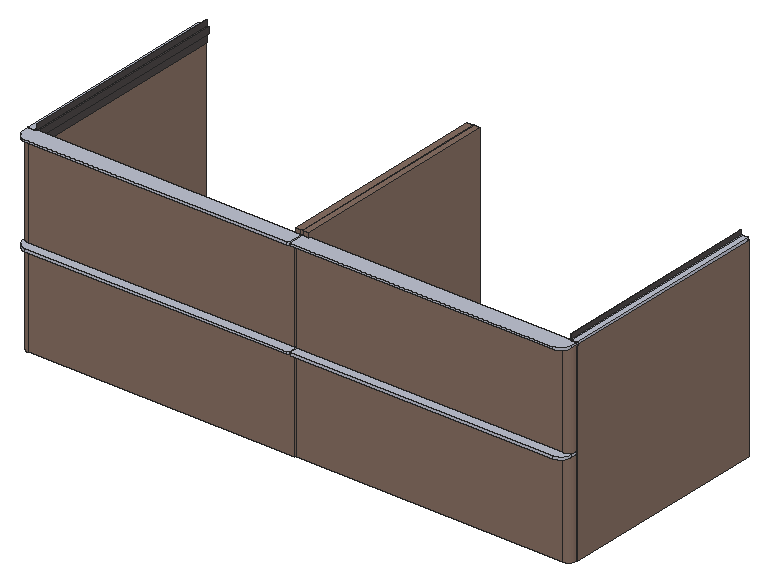
Revit family "vanity unit with 4 drawers for consoles with bowl", category Furniture, Revit 2019
Family settings
  OmniClass Number = 23.21.19.15.33.13
  Work Plane-Based = No
  Always vertical = Yes
  Cut with Voids When Loaded = No
  Shared = Yes
  Room Calculation Point = No
Parameters (values of type "Vanity unit 1360_550 with 4 drawers for consoles with bowl-54089000-Dark Walnut-CHROME-400")
  etim7_EC011381 = "EC011381"
  WEIGHT = "55.8"
  Vanity unit 1560_550 with 4 drawers for consoles with bowl-54093700-Dark Walnut-MATT_WHITE-400_RX0RY0RZ0TX0TY0TZ0_V = no
  Vanity unit 1560_550 with 4 drawers for consoles with bowl-54093700-Dark Walnut-MATT_WHITE-200_RX0RY0RZ0TX0TY0TZ0_V = no
  Vanity unit 1560_550 with 4 drawers for consoles with bowl-54093670-Dark Walnut-MATT_BLACK-400_RX0RY0RZ0TX0TY0TZ0_V = no
  Vanity unit 1560_550 with 4 drawers for consoles with bowl-54093670-Dark Walnut-MATT_BLACK-200_RX0RY0RZ0TX0TY0TZ0_V = no
  Vanity unit 1560_550 with 4 drawers for consoles with bowl-54093000-Dark Walnut-CHROME-400_RX0RY0RZ0TX0TY0TZ0_V = no
  Vanity unit 1560_550 with 4 drawers for consoles with bowl-54093000-Dark Walnut-CHROME-200_RX0RY0RZ0TX0TY0TZ0_V = no
  Vanity unit 1560_550 with 4 drawers for consoles with bowl-54092700-Natural Oak-MATT_WHITE-400_RX0RY0RZ0TX0TY0TZ0_V = no
  Vanity unit 1560_550 with 4 drawers for consoles with bowl-54092700-Natural Oak-MATT_WHITE-200_RX0RY0RZ0TX0TY0TZ0_V = no
  Vanity unit 1560_550 with 4 drawers for consoles with bowl-54092670-Natural Oak-MATT_BLACK-400_RX0RY0RZ0TX0TY0TZ0_V = no
  Vanity unit 1560_550 with 4 drawers for consoles with bowl-54092670-Natural Oak-MATT_BLACK-200_RX0RY0RZ0TX0TY0TZ0_V = no
  Vanity unit 1560_550 with 4 drawers for consoles with bowl-54092000-Natural Oak-CHROME-400_RX0RY0RZ0TX0TY0TZ0_V = no
  Vanity unit 1560_550 with 4 drawers for consoles with bowl-54092000-Natural Oak-CHROME-200_RX0RY0RZ0TX0TY0TZ0_V = no
  Vanity unit 1560_550 with 4 drawers for consoles with bowl-54091700-Diamond Matt Grey-MATT_WHITE-400_RX0RY0RZ0TX0TY0TZ0_V = no
  Vanity unit 1560_550 with 4 drawers for consoles with bowl-54091700-Diamond Matt Grey-MATT_WHITE-200_RX0RY0RZ0TX0TY0TZ0_V = no
  Vanity unit 1560_550 with 4 drawers for consoles with bowl-54091670-Diamond Matt Grey-MATT_BLACK-400_RX0RY0RZ0TX0TY0TZ0_V = no
  Vanity unit 1560_550 with 4 drawers for consoles with bowl-54091670-Diamond Matt Grey-MATT_BLACK-200_RX0RY0RZ0TX0TY0TZ0_V = no
  Vanity unit 1560_550 with 4 drawers for consoles with bowl-54091000-Diamond Matt Grey-CHROME-400_RX0RY0RZ0TX0TY0TZ0_V = no
  Vanity unit 1560_550 with 4 drawers for consoles with bowl-54091000-Diamond Matt Grey-CHROME-200_RX0RY0RZ0TX0TY0TZ0_V = no
  Vanity unit 1560_550 with 4 drawers for consoles with bowl-54090700-High Gloss White-MATT_WHITE-400_RX0RY0RZ0TX0TY0TZ0_V = no
  Vanity unit 1560_550 with 4 drawers for consoles with bowl-54090700-High Gloss White-MATT_WHITE-200_RX0RY0RZ0TX0TY0TZ0_V = no
  Vanity unit 1560_550 with 4 drawers for consoles with bowl-54090670-High Gloss White-MATT_BLACK-400_RX0RY0RZ0TX0TY0TZ0_V = no
  Vanity unit 1560_550 with 4 drawers for consoles with bowl-54090670-High Gloss White-MATT_BLACK-200_RX0RY0RZ0TX0TY0TZ0_V = no
  Vanity unit 1560_550 with 4 drawers for consoles with bowl-54090000-High Gloss White-CHROME-400_RX0RY0RZ0TX0TY0TZ0_V = no
  Vanity unit 1560_550 with 4 drawers for consoles with bowl-54090000-High Gloss White-CHROME-200_RX0RY0RZ0TX0TY0TZ0_V = no
  Vanity unit 1360_550 with 4 drawers for consoles with bowl-54089700-Dark Walnut-MATT_WHITE-400_RX0RY0RZ0TX0TY0TZ0_V = no
  Vanity unit 1360_550 with 4 drawers for consoles with bowl-54089700-Dark Walnut-MATT_WHITE-200_RX0RY0RZ0TX0TY0TZ0_V = no
  Vanity unit 1360_550 with 4 drawers for consoles with bowl-54089670-Dark Walnut-MATT_BLACK-400_RX0RY0RZ0TX0TY0TZ0_V = no
  Vanity unit 1360_550 with 4 drawers for consoles with bowl-54089670-Dark Walnut-MATT_BLACK-200_RX0RY0RZ0TX0TY0TZ0_V = no
  Vanity unit 1360_550 with 4 drawers for consoles with bowl-54089000-Dark Walnut-CHROME-400_RX0RY0RZ0TX0TY0TZ0_V = yes
  Vanity unit 1360_550 with 4 drawers for consoles with bowl-54089000-Dark Walnut-CHROME-200_RX0RY0RZ0TX0TY0TZ0_V = no
  Vanity unit 1360_550 with 4 drawers for consoles with bowl-54088700-Natural Oak-MATT_WHITE-400_RX0RY0RZ0TX0TY0TZ0_V = no
  Vanity unit 1360_550 with 4 drawers for consoles with bowl-54088700-Natural Oak-MATT_WHITE-200_RX0RY0RZ0TX0TY0TZ0_V = no
  Vanity unit 1360_550 with 4 drawers for consoles with bowl-54088670-Natural Oak-MATT_BLACK-400_RX0RY0RZ0TX0TY0TZ0_V = no
  Vanity unit 1360_550 with 4 drawers for consoles with bowl-54088670-Natural Oak-MATT_BLACK-200_RX0RY0RZ0TX0TY0TZ0_V = no
  Vanity unit 1360_550 with 4 drawers for consoles with bowl-54088000-Natural Oak-CHROME-400_RX0RY0RZ0TX0TY0TZ0_V = no
  Vanity unit 1360_550 with 4 drawers for consoles with bowl-54088000-Natural Oak-CHROME-200_RX0RY0RZ0TX0TY0TZ0_V = no
  Vanity unit 1360_550 with 4 drawers for consoles with bowl-54087700-Diamond Matt Grey-MATT_WHITE-400_RX0RY0RZ0TX0TY0TZ0_V = no
  Vanity unit 1360_550 with 4 drawers for consoles with bowl-54087700-Diamond Matt Grey-MATT_WHITE-200_RX0RY0RZ0TX0TY0TZ0_V = no
  Vanity unit 1360_550 with 4 drawers for consoles with bowl-54087670-Diamond Matt Grey-MATT_BLACK-400_RX0RY0RZ0TX0TY0TZ0_V = no
  Vanity unit 1360_550 with 4 drawers for consoles with bowl-54087670-Diamond Matt Grey-MATT_BLACK-200_RX0RY0RZ0TX0TY0TZ0_V = no
  Vanity unit 1360_550 with 4 drawers for consoles with bowl-54087000-Diamond Matt Grey-CHROME-400_RX0RY0RZ0TX0TY0TZ0_V = no
  Vanity unit 1360_550 with 4 drawers for consoles with bowl-54087000-Diamond Matt Grey-CHROME-200_RX0RY0RZ0TX0TY0TZ0_V = no
  Vanity unit 1360_550 with 4 drawers for consoles with bowl-54086700-High Gloss White-MATT_WHITE-400_RX0RY0RZ0TX0TY0TZ0_V = no
  Vanity unit 1360_550 with 4 drawers for consoles with bowl-54086700-High Gloss White-MATT_WHITE-200_RX0RY0RZ0TX0TY0TZ0_V = no
  Vanity unit 1360_550 with 4 drawers for consoles with bowl-54086670-High Gloss White-MATT_BLACK-400_RX0RY0RZ0TX0TY0TZ0_V = no
  Vanity unit 1360_550 with 4 drawers for consoles with bowl-54086670-High Gloss White-MATT_BLACK-200_RX0RY0RZ0TX0TY0TZ0_V = no
  Vanity unit 1360_550 with 4 drawers for consoles with bowl-54086000-High Gloss White-CHROME-400_RX0RY0RZ0TX0TY0TZ0_V = no
  Vanity unit 1360_550 with 4 drawers for consoles with bowl-54086000-High Gloss White-CHROME-200_RX0RY0RZ0TX0TY0TZ0_V = no
  UNSPSC = "56 | Furniture and Furnishings"
  UNIFORMATII = "E2010 | Fixed Furnishings"
  UNICLASS_2015_CODE = "40_30_78_05"
  UNICLASS2015 = "Pr_40_30_78_05 | Bathroom furniture"
  SURFACE = "CHROME"
  REGIONSET = "Worldwide"
  PRODUCTURL = "https://pro.hansgrohe.com/articledetail--54089000"
  PRODUCTGROUP = "vanity unit"
  PRODUCTFAMILY = "Xelu Q"
  PERMALINK = "54089XXX"
  OMNICLASS = "23-21 19 15 33 13 | Residential Bathroom Specialty Casework"
  OBJECTTYPE = "Object (single object)"
  OBERFLAECHE = "Dark Walnut"
  NN = "Vanity Unit with 4 Drawers for consoles with bowl"
  NBSYN = "$BASENUMBER.-$ARTNR.-$OBERFLAECHE.-$SURFACE.-$LODLEVEL."
  NB = "Vanity unit 1360/550 with 4 drawers for consoles with bowl-54089000-Dark Walnut-CHROME-400"
  NAME = "Xelu Q Vanity unit Dark Walnut 1360/550 with 4 drawers for consoles with bowl"
  Model = "Vanity unit 1360/550 with 4 drawers for consoles with bowl-54089000-Dark Walnut-CHROME-400"
  Manufacturer = "Hansgrohe"
  MIdent = "{$CADENAS_DATA/23d-libs/hansgrohe/xelu_furniture/vanity_unit_4_drawers_for_consoles_with_bowl/vanity_unit_4_drawers_for_consoles_with_bowl.prj},372 {VTYP=3D},{NB=Vanity unit 1360/550 with 4 drawers for consoles with bowl-54089000-Dark Walnut-CHROME-400},{LINA=Vanity unit 1360/550 with 4 drawers for consoles with bowl-54089000-Dark Walnut-CHROME-400},{NN=Vanity Unit with 4 Drawers for consoles with bowl},{DATE=13.03.2023 02:42:39},{GEOMDATE=08.03.2023 13:55:36},{VERSION=},{LINEID=100},{WBVAR=LODLEVEL},{WBNUMERIC=}  {NB=Vanity unit 1360/550 with 4 drawers for consoles with bowl-54089000-Dark Walnut-CHROME-400},{LINA=Vanity unit 1360/550 with 4 drawers for consoles with bowl-54089000-Dark Walnut-CHROME-400},{KT=DUMMY},{IDNR=10},{ARTNR=54089000},{BASENUMBER=Vanity unit 1360/550 with 4 drawers for consoles with bowl},{MODEL=54089XXX},{OBERFLAECHE=Dark Walnut},{SURFACE=CHROME},{L=1360},{LODLEVEL=400},{LODLEVELX='400','400','200','200'},{NAME=Xelu Q Vanity unit Dark Walnut 1360/550 with 4 drawers for consoles with bowl},{PERMALINK=54089XXX},{OBJECTTYPE=Object (single object)},{BIMOBJECT=Sanitary: Compound units},{PRODUCTFAMILY=Xelu Q},{PRODUCTGROUP=vanity unit},{WEIGHT=55.8},{DESCRIPTION=Xelu Q Vanity unit Dark Walnut 1360/550 with 4 drawers for consoles with bowl},{SPECIFICATION=},{PRODUCTURL=https://pro.hansgrohe.com/articledetail--54089000},{GTINCODE=4059625456880},{TENDERURL=},{IFC=Furnishing element},{ETIM=EC011381 | Bathroom furniture set},{UNICLASS2015=Pr_40_30_78_05 | Bathroom furniture},{OMNICLASS=23-21 19 15 33 13 | Residential Bathroom Specialty Casework},{MASTERFORMAT=12 35 30.23 | Bathroom Casework},{UNSPSC=56 | Furniture and Furnishings},{UNIFORMATII=E2010 | Fixed Furnishings},{DESIGN=Germany},{MANUFACTURER=Germany},{REGIONSET=Worldwide}"
  MASTERFORMAT = "12 35 30.23 | Bathroom Casework"
  LODLEVEL = "400"
  LINA = "Vanity unit 1360/550 with 4 drawers for consoles with bowl-54089000-Dark Walnut-CHROME-400"
  L = 1360
  IFC = "Furnishing element"
  GTINCODE = "4059625456880"
  ETIM = "EC011381 | Bathroom furniture set"
  DESIGN = "Germany"
  CATALOG = "Hansgrohe"
  BIMOBJECT = "Sanitary: Compound units"
  BASENUMBER = "Vanity unit 1360/550 with 4 drawers for consoles with bowl"
  ARTNR = "54089000"
Reference planes
  plane 1 "Center (Front/Back)": y = 0
  plane 2: z = 0
  plane 3 "Center (Left/Right)": x = 0
Dimensions and locks
  aligned and locked: level to plane 2
Nested families
  nested 1: "vanity unit 1360_550 with 4 drawers for consoles with bowl-54086000-high gloss white-chrome-200_content" at (0, 0, 0), visible <- "Vanity unit 1360_550 with 4 drawers for consoles with bowl-54086000-High Gloss White-CHROME-200_RX0RY0RZ0TX0TY0TZ0_V", ContentVisible <- "Vanity unit 1360_550 with 4 drawers for consoles with bowl-54086000-High Gloss White-CHROME-200_RX0RY0RZ0TX0TY0TZ0_V", type ""
    with ContentVisible no
  nested 2: "vanity unit 1360_550 with 4 drawers for consoles with bowl-54086000-high gloss white-chrome-400_content" at (0, 0, 0), visible <- "Vanity unit 1360_550 with 4 drawers for consoles with bowl-54086000-High Gloss White-CHROME-400_RX0RY0RZ0TX0TY0TZ0_V", ContentVisible <- "Vanity unit 1360_550 with 4 drawers for consoles with bowl-54086000-High Gloss White-CHROME-400_RX0RY0RZ0TX0TY0TZ0_V", type ""
    with ContentVisible no
  nested 3: "vanity unit 1360_550 with 4 drawers for consoles with bowl-54086670-high gloss white-matt_black-200_content" at (0, 0, 0), visible <- "Vanity unit 1360_550 with 4 drawers for consoles with bowl-54086670-High Gloss White-MATT_BLACK-200_RX0RY0RZ0TX0TY0TZ0_V", ContentVisible <- "Vanity unit 1360_550 with 4 drawers for consoles with bowl-54086670-High Gloss White-MATT_BLACK-200_RX0RY0RZ0TX0TY0TZ0_V", type ""
    with ContentVisible no
  nested 4: "vanity unit 1360_550 with 4 drawers for consoles with bowl-54086670-high gloss white-matt_black-400_content" at (0, 0, 0), visible <- "Vanity unit 1360_550 with 4 drawers for consoles with bowl-54086670-High Gloss White-MATT_BLACK-400_RX0RY0RZ0TX0TY0TZ0_V", ContentVisible <- "Vanity unit 1360_550 with 4 drawers for consoles with bowl-54086670-High Gloss White-MATT_BLACK-400_RX0RY0RZ0TX0TY0TZ0_V", type ""
    with ContentVisible no
  nested 5: "vanity unit 1360_550 with 4 drawers for consoles with bowl-54086700-high gloss white-matt_white-200_content" at (0, 0, 0), visible <- "Vanity unit 1360_550 with 4 drawers for consoles with bowl-54086700-High Gloss White-MATT_WHITE-200_RX0RY0RZ0TX0TY0TZ0_V", ContentVisible <- "Vanity unit 1360_550 with 4 drawers for consoles with bowl-54086700-High Gloss White-MATT_WHITE-200_RX0RY0RZ0TX0TY0TZ0_V", type ""
    with ContentVisible no
  nested 6: "vanity unit 1360_550 with 4 drawers for consoles with bowl-54086700-high gloss white-matt_white-400_content" at (0, 0, 0), visible <- "Vanity unit 1360_550 with 4 drawers for consoles with bowl-54086700-High Gloss White-MATT_WHITE-400_RX0RY0RZ0TX0TY0TZ0_V", ContentVisible <- "Vanity unit 1360_550 with 4 drawers for consoles with bowl-54086700-High Gloss White-MATT_WHITE-400_RX0RY0RZ0TX0TY0TZ0_V", type ""
    with ContentVisible no
  nested 7: "vanity unit 1360_550 with 4 drawers for consoles with bowl-54087000-diamond matt grey-chrome-200_content" at (0, 0, 0), visible <- "Vanity unit 1360_550 with 4 drawers for consoles with bowl-54087000-Diamond Matt Grey-CHROME-200_RX0RY0RZ0TX0TY0TZ0_V", ContentVisible <- "Vanity unit 1360_550 with 4 drawers for consoles with bowl-54087000-Diamond Matt Grey-CHROME-200_RX0RY0RZ0TX0TY0TZ0_V", type ""
    with ContentVisible no
  nested 8: "vanity unit 1360_550 with 4 drawers for consoles with bowl-54087000-diamond matt grey-chrome-400_content" at (0, 0, 0), visible <- "Vanity unit 1360_550 with 4 drawers for consoles with bowl-54087000-Diamond Matt Grey-CHROME-400_RX0RY0RZ0TX0TY0TZ0_V", ContentVisible <- "Vanity unit 1360_550 with 4 drawers for consoles with bowl-54087000-Diamond Matt Grey-CHROME-400_RX0RY0RZ0TX0TY0TZ0_V", type ""
    with ContentVisible no
  nested 9: "vanity unit 1360_550 with 4 drawers for consoles with bowl-54087670-diamond matt grey-matt_black-200_content" at (0, 0, 0), visible <- "Vanity unit 1360_550 with 4 drawers for consoles with bowl-54087670-Diamond Matt Grey-MATT_BLACK-200_RX0RY0RZ0TX0TY0TZ0_V", ContentVisible <- "Vanity unit 1360_550 with 4 drawers for consoles with bowl-54087670-Diamond Matt Grey-MATT_BLACK-200_RX0RY0RZ0TX0TY0TZ0_V", type ""
    with ContentVisible no
  nested 10: "vanity unit 1360_550 with 4 drawers for consoles with bowl-54087670-diamond matt grey-matt_black-400_content" at (0, 0, 0), visible <- "Vanity unit 1360_550 with 4 drawers for consoles with bowl-54087670-Diamond Matt Grey-MATT_BLACK-400_RX0RY0RZ0TX0TY0TZ0_V", ContentVisible <- "Vanity unit 1360_550 with 4 drawers for consoles with bowl-54087670-Diamond Matt Grey-MATT_BLACK-400_RX0RY0RZ0TX0TY0TZ0_V", type ""
    with ContentVisible no
  nested 11: "vanity unit 1360_550 with 4 drawers for consoles with bowl-54087700-diamond matt grey-matt_white-200_content" at (0, 0, 0), visible <- "Vanity unit 1360_550 with 4 drawers for consoles with bowl-54087700-Diamond Matt Grey-MATT_WHITE-200_RX0RY0RZ0TX0TY0TZ0_V", ContentVisible <- "Vanity unit 1360_550 with 4 drawers for consoles with bowl-54087700-Diamond Matt Grey-MATT_WHITE-200_RX0RY0RZ0TX0TY0TZ0_V", type ""
    with ContentVisible no
  nested 12: "vanity unit 1360_550 with 4 drawers for consoles with bowl-54087700-diamond matt grey-matt_white-400_content" at (0, 0, 0), visible <- "Vanity unit 1360_550 with 4 drawers for consoles with bowl-54087700-Diamond Matt Grey-MATT_WHITE-400_RX0RY0RZ0TX0TY0TZ0_V", ContentVisible <- "Vanity unit 1360_550 with 4 drawers for consoles with bowl-54087700-Diamond Matt Grey-MATT_WHITE-400_RX0RY0RZ0TX0TY0TZ0_V", type ""
    with ContentVisible no
  nested 13: "vanity unit 1360_550 with 4 drawers for consoles with bowl-54088000-natural oak-chrome-200_content" at (0, 0, 0), visible <- "Vanity unit 1360_550 with 4 drawers for consoles with bowl-54088000-Natural Oak-CHROME-200_RX0RY0RZ0TX0TY0TZ0_V", ContentVisible <- "Vanity unit 1360_550 with 4 drawers for consoles with bowl-54088000-Natural Oak-CHROME-200_RX0RY0RZ0TX0TY0TZ0_V", type ""
    with ContentVisible no
  nested 14: "vanity unit 1360_550 with 4 drawers for consoles with bowl-54088000-natural oak-chrome-400_content" at (0, 0, 0), visible <- "Vanity unit 1360_550 with 4 drawers for consoles with bowl-54088000-Natural Oak-CHROME-400_RX0RY0RZ0TX0TY0TZ0_V", ContentVisible <- "Vanity unit 1360_550 with 4 drawers for consoles with bowl-54088000-Natural Oak-CHROME-400_RX0RY0RZ0TX0TY0TZ0_V", type ""
    with ContentVisible no
  nested 15: "vanity unit 1360_550 with 4 drawers for consoles with bowl-54088670-natural oak-matt_black-200_content" at (0, 0, 0), visible <- "Vanity unit 1360_550 with 4 drawers for consoles with bowl-54088670-Natural Oak-MATT_BLACK-200_RX0RY0RZ0TX0TY0TZ0_V", ContentVisible <- "Vanity unit 1360_550 with 4 drawers for consoles with bowl-54088670-Natural Oak-MATT_BLACK-200_RX0RY0RZ0TX0TY0TZ0_V", type ""
    with ContentVisible no
  nested 16: "vanity unit 1360_550 with 4 drawers for consoles with bowl-54088670-natural oak-matt_black-400_content" at (0, 0, 0), visible <- "Vanity unit 1360_550 with 4 drawers for consoles with bowl-54088670-Natural Oak-MATT_BLACK-400_RX0RY0RZ0TX0TY0TZ0_V", ContentVisible <- "Vanity unit 1360_550 with 4 drawers for consoles with bowl-54088670-Natural Oak-MATT_BLACK-400_RX0RY0RZ0TX0TY0TZ0_V", type ""
    with ContentVisible no
  nested 17: "vanity unit 1360_550 with 4 drawers for consoles with bowl-54088700-natural oak-matt_white-200_content" at (0, 0, 0), visible <- "Vanity unit 1360_550 with 4 drawers for consoles with bowl-54088700-Natural Oak-MATT_WHITE-200_RX0RY0RZ0TX0TY0TZ0_V", ContentVisible <- "Vanity unit 1360_550 with 4 drawers for consoles with bowl-54088700-Natural Oak-MATT_WHITE-200_RX0RY0RZ0TX0TY0TZ0_V", type ""
    with ContentVisible no
  nested 18: "vanity unit 1360_550 with 4 drawers for consoles with bowl-54088700-natural oak-matt_white-400_content" at (0, 0, 0), visible <- "Vanity unit 1360_550 with 4 drawers for consoles with bowl-54088700-Natural Oak-MATT_WHITE-400_RX0RY0RZ0TX0TY0TZ0_V", ContentVisible <- "Vanity unit 1360_550 with 4 drawers for consoles with bowl-54088700-Natural Oak-MATT_WHITE-400_RX0RY0RZ0TX0TY0TZ0_V", type ""
    with ContentVisible no
  nested 19: "vanity unit 1360_550 with 4 drawers for consoles with bowl-54089000-dark walnut-chrome-200_content" at (0, 0, 0), visible <- "Vanity unit 1360_550 with 4 drawers for consoles with bowl-54089000-Dark Walnut-CHROME-200_RX0RY0RZ0TX0TY0TZ0_V", ContentVisible <- "Vanity unit 1360_550 with 4 drawers for consoles with bowl-54089000-Dark Walnut-CHROME-200_RX0RY0RZ0TX0TY0TZ0_V", type ""
    with ContentVisible no
  nested 20: "vanity unit 1360_550 with 4 drawers for consoles with bowl-54089000-dark walnut-chrome-400_content" at (0, 0, 0), visible <- "Vanity unit 1360_550 with 4 drawers for consoles with bowl-54089000-Dark Walnut-CHROME-400_RX0RY0RZ0TX0TY0TZ0_V", ContentVisible <- "Vanity unit 1360_550 with 4 drawers for consoles with bowl-54089000-Dark Walnut-CHROME-400_RX0RY0RZ0TX0TY0TZ0_V", type "Vanity unit 1360_550 with 4 drawers for consoles with bowl-54089000-Dark Walnut-CHROME-400_Content"
    with ContentVisible yes
  nested 21: "vanity unit 1360_550 with 4 drawers for consoles with bowl-54089670-dark walnut-matt_black-200_content" at (0, 0, 0), visible <- "Vanity unit 1360_550 with 4 drawers for consoles with bowl-54089670-Dark Walnut-MATT_BLACK-200_RX0RY0RZ0TX0TY0TZ0_V", ContentVisible <- "Vanity unit 1360_550 with 4 drawers for consoles with bowl-54089670-Dark Walnut-MATT_BLACK-200_RX0RY0RZ0TX0TY0TZ0_V", type ""
    with ContentVisible no
  nested 22: "vanity unit 1360_550 with 4 drawers for consoles with bowl-54089670-dark walnut-matt_black-400_content" at (0, 0, 0), visible <- "Vanity unit 1360_550 with 4 drawers for consoles with bowl-54089670-Dark Walnut-MATT_BLACK-400_RX0RY0RZ0TX0TY0TZ0_V", ContentVisible <- "Vanity unit 1360_550 with 4 drawers for consoles with bowl-54089670-Dark Walnut-MATT_BLACK-400_RX0RY0RZ0TX0TY0TZ0_V", type ""
    with ContentVisible no
  nested 23: "vanity unit 1360_550 with 4 drawers for consoles with bowl-54089700-dark walnut-matt_white-200_content" at (0, 0, 0), visible <- "Vanity unit 1360_550 with 4 drawers for consoles with bowl-54089700-Dark Walnut-MATT_WHITE-200_RX0RY0RZ0TX0TY0TZ0_V", ContentVisible <- "Vanity unit 1360_550 with 4 drawers for consoles with bowl-54089700-Dark Walnut-MATT_WHITE-200_RX0RY0RZ0TX0TY0TZ0_V", type ""
    with ContentVisible no
  nested 24: "vanity unit 1360_550 with 4 drawers for consoles with bowl-54089700-dark walnut-matt_white-400_content" at (0, 0, 0), visible <- "Vanity unit 1360_550 with 4 drawers for consoles with bowl-54089700-Dark Walnut-MATT_WHITE-400_RX0RY0RZ0TX0TY0TZ0_V", ContentVisible <- "Vanity unit 1360_550 with 4 drawers for consoles with bowl-54089700-Dark Walnut-MATT_WHITE-400_RX0RY0RZ0TX0TY0TZ0_V", type ""
    with ContentVisible no
  nested 25: "vanity unit 1560_550 with 4 drawers for consoles with bowl-54090000-high gloss white-chrome-200_content" at (0, 0, 0), visible <- "Vanity unit 1560_550 with 4 drawers for consoles with bowl-54090000-High Gloss White-CHROME-200_RX0RY0RZ0TX0TY0TZ0_V", ContentVisible <- "Vanity unit 1560_550 with 4 drawers for consoles with bowl-54090000-High Gloss White-CHROME-200_RX0RY0RZ0TX0TY0TZ0_V", type ""
    with ContentVisible no
  nested 26: "vanity unit 1560_550 with 4 drawers for consoles with bowl-54090000-high gloss white-chrome-400_content" at (0, 0, 0), visible <- "Vanity unit 1560_550 with 4 drawers for consoles with bowl-54090000-High Gloss White-CHROME-400_RX0RY0RZ0TX0TY0TZ0_V", ContentVisible <- "Vanity unit 1560_550 with 4 drawers for consoles with bowl-54090000-High Gloss White-CHROME-400_RX0RY0RZ0TX0TY0TZ0_V", type ""
    with ContentVisible no
  nested 27: "vanity unit 1560_550 with 4 drawers for consoles with bowl-54090670-high gloss white-matt_black-200_content" at (0, 0, 0), visible <- "Vanity unit 1560_550 with 4 drawers for consoles with bowl-54090670-High Gloss White-MATT_BLACK-200_RX0RY0RZ0TX0TY0TZ0_V", ContentVisible <- "Vanity unit 1560_550 with 4 drawers for consoles with bowl-54090670-High Gloss White-MATT_BLACK-200_RX0RY0RZ0TX0TY0TZ0_V", type ""
    with ContentVisible no
  nested 28: "vanity unit 1560_550 with 4 drawers for consoles with bowl-54090670-high gloss white-matt_black-400_content" at (0, 0, 0), visible <- "Vanity unit 1560_550 with 4 drawers for consoles with bowl-54090670-High Gloss White-MATT_BLACK-400_RX0RY0RZ0TX0TY0TZ0_V", ContentVisible <- "Vanity unit 1560_550 with 4 drawers for consoles with bowl-54090670-High Gloss White-MATT_BLACK-400_RX0RY0RZ0TX0TY0TZ0_V", type ""
    with ContentVisible no
  nested 29: "vanity unit 1560_550 with 4 drawers for consoles with bowl-54090700-high gloss white-matt_white-200_content" at (0, 0, 0), visible <- "Vanity unit 1560_550 with 4 drawers for consoles with bowl-54090700-High Gloss White-MATT_WHITE-200_RX0RY0RZ0TX0TY0TZ0_V", ContentVisible <- "Vanity unit 1560_550 with 4 drawers for consoles with bowl-54090700-High Gloss White-MATT_WHITE-200_RX0RY0RZ0TX0TY0TZ0_V", type ""
    with ContentVisible no
  nested 30: "vanity unit 1560_550 with 4 drawers for consoles with bowl-54090700-high gloss white-matt_white-400_content" at (0, 0, 0), visible <- "Vanity unit 1560_550 with 4 drawers for consoles with bowl-54090700-High Gloss White-MATT_WHITE-400_RX0RY0RZ0TX0TY0TZ0_V", ContentVisible <- "Vanity unit 1560_550 with 4 drawers for consoles with bowl-54090700-High Gloss White-MATT_WHITE-400_RX0RY0RZ0TX0TY0TZ0_V", type ""
    with ContentVisible no
  nested 31: "vanity unit 1560_550 with 4 drawers for consoles with bowl-54091000-diamond matt grey-chrome-200_content" at (0, 0, 0), visible <- "Vanity unit 1560_550 with 4 drawers for consoles with bowl-54091000-Diamond Matt Grey-CHROME-200_RX0RY0RZ0TX0TY0TZ0_V", ContentVisible <- "Vanity unit 1560_550 with 4 drawers for consoles with bowl-54091000-Diamond Matt Grey-CHROME-200_RX0RY0RZ0TX0TY0TZ0_V", type ""
    with ContentVisible no
  nested 32: "vanity unit 1560_550 with 4 drawers for consoles with bowl-54091000-diamond matt grey-chrome-400_content" at (0, 0, 0), visible <- "Vanity unit 1560_550 with 4 drawers for consoles with bowl-54091000-Diamond Matt Grey-CHROME-400_RX0RY0RZ0TX0TY0TZ0_V", ContentVisible <- "Vanity unit 1560_550 with 4 drawers for consoles with bowl-54091000-Diamond Matt Grey-CHROME-400_RX0RY0RZ0TX0TY0TZ0_V", type ""
    with ContentVisible no
  nested 33: "vanity unit 1560_550 with 4 drawers for consoles with bowl-54091670-diamond matt grey-matt_black-200_content" at (0, 0, 0), visible <- "Vanity unit 1560_550 with 4 drawers for consoles with bowl-54091670-Diamond Matt Grey-MATT_BLACK-200_RX0RY0RZ0TX0TY0TZ0_V", ContentVisible <- "Vanity unit 1560_550 with 4 drawers for consoles with bowl-54091670-Diamond Matt Grey-MATT_BLACK-200_RX0RY0RZ0TX0TY0TZ0_V", type ""
    with ContentVisible no
  nested 34: "vanity unit 1560_550 with 4 drawers for consoles with bowl-54091670-diamond matt grey-matt_black-400_content" at (0, 0, 0), visible <- "Vanity unit 1560_550 with 4 drawers for consoles with bowl-54091670-Diamond Matt Grey-MATT_BLACK-400_RX0RY0RZ0TX0TY0TZ0_V", ContentVisible <- "Vanity unit 1560_550 with 4 drawers for consoles with bowl-54091670-Diamond Matt Grey-MATT_BLACK-400_RX0RY0RZ0TX0TY0TZ0_V", type ""
    with ContentVisible no
  nested 35: "vanity unit 1560_550 with 4 drawers for consoles with bowl-54091700-diamond matt grey-matt_white-200_content" at (0, 0, 0), visible <- "Vanity unit 1560_550 with 4 drawers for consoles with bowl-54091700-Diamond Matt Grey-MATT_WHITE-200_RX0RY0RZ0TX0TY0TZ0_V", ContentVisible <- "Vanity unit 1560_550 with 4 drawers for consoles with bowl-54091700-Diamond Matt Grey-MATT_WHITE-200_RX0RY0RZ0TX0TY0TZ0_V", type ""
    with ContentVisible no
  nested 36: "vanity unit 1560_550 with 4 drawers for consoles with bowl-54091700-diamond matt grey-matt_white-400_content" at (0, 0, 0), visible <- "Vanity unit 1560_550 with 4 drawers for consoles with bowl-54091700-Diamond Matt Grey-MATT_WHITE-400_RX0RY0RZ0TX0TY0TZ0_V", ContentVisible <- "Vanity unit 1560_550 with 4 drawers for consoles with bowl-54091700-Diamond Matt Grey-MATT_WHITE-400_RX0RY0RZ0TX0TY0TZ0_V", type ""
    with ContentVisible no
  nested 37: "vanity unit 1560_550 with 4 drawers for consoles with bowl-54092000-natural oak-chrome-200_content" at (0, 0, 0), visible <- "Vanity unit 1560_550 with 4 drawers for consoles with bowl-54092000-Natural Oak-CHROME-200_RX0RY0RZ0TX0TY0TZ0_V", ContentVisible <- "Vanity unit 1560_550 with 4 drawers for consoles with bowl-54092000-Natural Oak-CHROME-200_RX0RY0RZ0TX0TY0TZ0_V", type ""
    with ContentVisible no
  nested 38: "vanity unit 1560_550 with 4 drawers for consoles with bowl-54092000-natural oak-chrome-400_content" at (0, 0, 0), visible <- "Vanity unit 1560_550 with 4 drawers for consoles with bowl-54092000-Natural Oak-CHROME-400_RX0RY0RZ0TX0TY0TZ0_V", ContentVisible <- "Vanity unit 1560_550 with 4 drawers for consoles with bowl-54092000-Natural Oak-CHROME-400_RX0RY0RZ0TX0TY0TZ0_V", type ""
    with ContentVisible no
  nested 39: "vanity unit 1560_550 with 4 drawers for consoles with bowl-54092670-natural oak-matt_black-200_content" at (0, 0, 0), visible <- "Vanity unit 1560_550 with 4 drawers for consoles with bowl-54092670-Natural Oak-MATT_BLACK-200_RX0RY0RZ0TX0TY0TZ0_V", ContentVisible <- "Vanity unit 1560_550 with 4 drawers for consoles with bowl-54092670-Natural Oak-MATT_BLACK-200_RX0RY0RZ0TX0TY0TZ0_V", type ""
    with ContentVisible no
  nested 40: "vanity unit 1560_550 with 4 drawers for consoles with bowl-54092670-natural oak-matt_black-400_content" at (0, 0, 0), visible <- "Vanity unit 1560_550 with 4 drawers for consoles with bowl-54092670-Natural Oak-MATT_BLACK-400_RX0RY0RZ0TX0TY0TZ0_V", ContentVisible <- "Vanity unit 1560_550 with 4 drawers for consoles with bowl-54092670-Natural Oak-MATT_BLACK-400_RX0RY0RZ0TX0TY0TZ0_V", type ""
    with ContentVisible no
  nested 41: "vanity unit 1560_550 with 4 drawers for consoles with bowl-54092700-natural oak-matt_white-200_content" at (0, 0, 0), visible <- "Vanity unit 1560_550 with 4 drawers for consoles with bowl-54092700-Natural Oak-MATT_WHITE-200_RX0RY0RZ0TX0TY0TZ0_V", ContentVisible <- "Vanity unit 1560_550 with 4 drawers for consoles with bowl-54092700-Natural Oak-MATT_WHITE-200_RX0RY0RZ0TX0TY0TZ0_V", type ""
    with ContentVisible no
  nested 42: "vanity unit 1560_550 with 4 drawers for consoles with bowl-54092700-natural oak-matt_white-400_content" at (0, 0, 0), visible <- "Vanity unit 1560_550 with 4 drawers for consoles with bowl-54092700-Natural Oak-MATT_WHITE-400_RX0RY0RZ0TX0TY0TZ0_V", ContentVisible <- "Vanity unit 1560_550 with 4 drawers for consoles with bowl-54092700-Natural Oak-MATT_WHITE-400_RX0RY0RZ0TX0TY0TZ0_V", type ""
    with ContentVisible no
  nested 43: "vanity unit 1560_550 with 4 drawers for consoles with bowl-54093000-dark walnut-chrome-200_content" at (0, 0, 0), visible <- "Vanity unit 1560_550 with 4 drawers for consoles with bowl-54093000-Dark Walnut-CHROME-200_RX0RY0RZ0TX0TY0TZ0_V", ContentVisible <- "Vanity unit 1560_550 with 4 drawers for consoles with bowl-54093000-Dark Walnut-CHROME-200_RX0RY0RZ0TX0TY0TZ0_V", type ""
    with ContentVisible no
  nested 44: "vanity unit 1560_550 with 4 drawers for consoles with bowl-54093000-dark walnut-chrome-400_content" at (0, 0, 0), visible <- "Vanity unit 1560_550 with 4 drawers for consoles with bowl-54093000-Dark Walnut-CHROME-400_RX0RY0RZ0TX0TY0TZ0_V", ContentVisible <- "Vanity unit 1560_550 with 4 drawers for consoles with bowl-54093000-Dark Walnut-CHROME-400_RX0RY0RZ0TX0TY0TZ0_V", type ""
    with ContentVisible no
  nested 45: "vanity unit 1560_550 with 4 drawers for consoles with bowl-54093670-dark walnut-matt_black-200_content" at (0, 0, 0), visible <- "Vanity unit 1560_550 with 4 drawers for consoles with bowl-54093670-Dark Walnut-MATT_BLACK-200_RX0RY0RZ0TX0TY0TZ0_V", ContentVisible <- "Vanity unit 1560_550 with 4 drawers for consoles with bowl-54093670-Dark Walnut-MATT_BLACK-200_RX0RY0RZ0TX0TY0TZ0_V", type ""
    with ContentVisible no
  nested 46: "vanity unit 1560_550 with 4 drawers for consoles with bowl-54093670-dark walnut-matt_black-400_content" at (0, 0, 0), visible <- "Vanity unit 1560_550 with 4 drawers for consoles with bowl-54093670-Dark Walnut-MATT_BLACK-400_RX0RY0RZ0TX0TY0TZ0_V", ContentVisible <- "Vanity unit 1560_550 with 4 drawers for consoles with bowl-54093670-Dark Walnut-MATT_BLACK-400_RX0RY0RZ0TX0TY0TZ0_V", type ""
    with ContentVisible no
  nested 47: "vanity unit 1560_550 with 4 drawers for consoles with bowl-54093700-dark walnut-matt_white-200_content" at (0, 0, 0), visible <- "Vanity unit 1560_550 with 4 drawers for consoles with bowl-54093700-Dark Walnut-MATT_WHITE-200_RX0RY0RZ0TX0TY0TZ0_V", ContentVisible <- "Vanity unit 1560_550 with 4 drawers for consoles with bowl-54093700-Dark Walnut-MATT_WHITE-200_RX0RY0RZ0TX0TY0TZ0_V", type ""
    with ContentVisible no
  nested 48: "vanity unit 1560_550 with 4 drawers for consoles with bowl-54093700-dark walnut-matt_white-400_content" at (0, 0, 0), visible <- "Vanity unit 1560_550 with 4 drawers for consoles with bowl-54093700-Dark Walnut-MATT_WHITE-400_RX0RY0RZ0TX0TY0TZ0_V", ContentVisible <- "Vanity unit 1560_550 with 4 drawers for consoles with bowl-54093700-Dark Walnut-MATT_WHITE-400_RX0RY0RZ0TX0TY0TZ0_V", type ""
    with ContentVisible no
Definition of nested family "vanity unit 1360_550 with 4 drawers for consoles with bowl-54089000-dark walnut-chrome-400_content"
  Parameters (values of type "Vanity unit 1360_550 with 4 drawers for consoles with bowl-54089000-Dark Walnut-CHROME-400_Content")
    etim7_EC011381 = "EC011381"
    WEIGHT = "55.8"
    UNSPSC = "56 | Furniture and Furnishings"
    UNIFORMATII = "E2010 | Fixed Furnishings"
    UNICLASS_2015_CODE = "40_30_78_05"
    UNICLASS2015 = "Pr_40_30_78_05 | Bathroom furniture"
    SURFACE = "CHROME"
    REGIONSET = "Worldwide"
    PRODUCTURL = "https://pro.hansgrohe.com/articledetail--54089000"
    PRODUCTGROUP = "vanity unit"
    PRODUCTFAMILY = "Xelu Q"
    PERMALINK = "54089XXX"
    OMNICLASS = "23-21 19 15 33 13 | Residential Bathroom Specialty Casework"
    OBJECTTYPE = "Object (single object)"
    OBERFLAECHE = "Dark Walnut"
    NN = "Vanity Unit with 4 Drawers for consoles with bowl"
    NBSYN = "$BASENUMBER.-$ARTNR.-$OBERFLAECHE.-$SURFACE.-$LODLEVEL."
    NB = "Vanity unit 1360/550 with 4 drawers for consoles with bowl-54089000-Dark Walnut-CHROME-400"
    NAME = "Xelu Q Vanity unit Dark Walnut 1360/550 with 4 drawers for consoles with bowl"
    Model = "Vanity unit 1360/550 with 4 drawers for consoles with bowl-54089000-Dark Walnut-CHROME-400"
    Manufacturer = "Hansgrohe"
    MASTERFORMAT = "12 35 30.23 | Bathroom Casework"
    LODLEVEL = "400"
    LINA = "Vanity unit 1360/550 with 4 drawers for consoles with bowl-54089000-Dark Walnut-CHROME-400"
    L = 1360
    IFC = "Furnishing element"
    GTINCODE = "4059625456880"
    ETIM = "EC011381 | Bathroom furniture set"
    Default Elevation = 1219.2 mm
    DESIGN = "Germany"
    ContentVisible [instance] = yes
    CATALOG = "Hansgrohe"
    BIMOBJECT = "Sanitary: Compound units"
    BASENUMBER = "Vanity unit 1360/550 with 4 drawers for consoles with bowl"
    ARTNR = "54089000"
  Reference planes
    plane 1 "Center (Front/Back)": y = 0
    plane 2: z = 0
    plane 3 "Center (Left/Right)": x = 0
  Forms (mm)
    Extrusion 1, solid, visible <- "ContentVisible", detail levels medium+fine
      sketch origin (0, 0, 0) x (1, 0, 0) y (0, 1, 0)
        loop
          line (-680, 0) -> (-680, -527)
          arc (-680, -527) -> (-679.121, -529.121) -> (-677, -530) r 3
          line (-677, -530) -> (-664, -530) -> (-664, 0) -> (-680, 0)
      from 0 to 480
    Extrusion 2, solid, visible <- "ContentVisible", detail levels medium+fine
      sketch origin (0, 0, 0) x (1, 0, 0) y (0, 1, 0)
        loop
          line (-664, -133) -> (-664, -499.5) -> (-16, -499.5) -> (-16, -133) -> (-664, -133)
      from 0 to 16
    Extrusion 3, solid, visible <- "ContentVisible", detail levels medium+fine
      sketch origin (0, 0, 0) x (1, 0, 0) y (0, 1, 0)
        loop
          line (-16, 0) -> (-16, -530) -> (-3, -530)
          arc (-3, -530) -> (-0.879, -529.121) -> (0, -527) r 3
          line (0, -527) -> (0, 0) -> (-16, 0)
      from 0 to 496
    Extrusion 4, solid, visible <- "ContentVisible", detail levels medium+fine
      sketch origin (0, 0, 0) x (1, 0, 0) y (0, 1, 0)
        loop
          line (0, 0) -> (0, -527)
          arc (0, -527) -> (0.879, -529.121) -> (3, -530) r 3
          line (3, -530) -> (16, -530) -> (16, 0) -> (0, 0)
      from 0 to 496
    Extrusion 5, solid, visible <- "ContentVisible", detail levels medium+fine
      sketch origin (0, 0, 0) x (1, 0, 0) y (0, 1, 0)
        loop
          line (16, -499.5) -> (664, -499.5) -> (664, -133) -> (16, -133) -> (16, -499.5)
      from 0 to 16
    Extrusion 6, solid, visible <- "ContentVisible", detail levels medium+fine
      sketch origin (0, 0, 0) x (1, 0, 0) y (0, 1, 0)
        loop
          line (664, 0) -> (664, -530) -> (677, -530)
          arc (677, -530) -> (679.121, -529.121) -> (680, -527) r 3
          line (680, -527) -> (680, 0) -> (664, 0)
      from 0 to 480
    Extrusion 7, solid, visible <- "ContentVisible", detail levels medium+fine
      sketch origin (0, 0, 0) x (1, 0, 0) y (0, 1, 0)
        loop
          line (-664, -117) -> (-664, -133) -> (664, -133) -> (664, -117) -> (-664, -117)
      from 0 to 126
    Extrusion 8, solid, visible <- "ContentVisible", detail levels medium+fine
      sketch origin (0, 0, 2) x (1, 0, 0) y (0, 1, 0)
        loop
          arc (-680, -532) -> (-674.435, -545.435) -> (-661, -551) r 19
          line (-661, -551) -> (-2.5, -551)
          arc (-2.5, -551) -> (-1.793, -550.707) -> (-1.5, -550) r 1
          line (-1.5, -550) -> (-1.5, -530) -> (-680, -530) -> (-680, -532)
      from 0 to 235
    Extrusion 9, solid, visible <- "ContentVisible", detail levels medium+fine
      sketch origin (0, 0, 2) x (1, 0, 0) y (0, 1, 0)
        loop
          arc (1.5, -550) -> (1.793, -550.707) -> (2.5, -551) r 1
          line (2.5, -551) -> (661, -551)
          arc (661, -551) -> (674.435, -545.435) -> (680, -532) r 19
          line (680, -532) -> (680, -530) -> (1.5, -530) -> (1.5, -550)
      from 0 to 235
    Extrusion 10, solid, visible <- "ContentVisible", detail levels medium+fine
      sketch origin (0, 0, 237) x (1, 0, 0) y (0, 1, 0)
        loop
          line (-678.5, -530) -> (-678.5, -546)
          arc (-678.5, -546) -> (-671.178, -563.678) -> (-653.5, -571) r 25
          line (-653.5, -571) -> (-4.5, -571)
          arc (-4.5, -571) -> (-2.379, -570.121) -> (-1.5, -568) r 3
          line (-1.5, -568) -> (-1.5, -528.5) -> (-658.5, -528.5) -> (-658.5, -530) -> (-678.5, -530)
      from 0 to 5
    Extrusion 11, solid, visible <- "ContentVisible", detail levels medium+fine
      sketch origin (0, 0, 237) x (1, 0, 0) y (0, 1, 0)
        loop
          arc (1.5, -568) -> (2.379, -570.121) -> (4.5, -571) r 3
          line (4.5, -571) -> (653.5, -571)
          arc (653.5, -571) -> (671.178, -563.678) -> (678.5, -546) r 25
          line (678.5, -546) -> (678.5, -530) -> (658.5, -530) -> (658.5, -528.5) -> (1.5, -528.5) -> (1.5, -568)
      from 0 to 5
    Extrusion 12, solid, visible <- "ContentVisible", detail levels medium+fine
      sketch origin (0, 0, 245) x (1, 0, 0) y (0, 1, 0)
        loop
          arc (-680, -532) -> (-674.435, -545.435) -> (-661, -551) r 19
          line (-661, -551) -> (-2.5, -551)
          arc (-2.5, -551) -> (-1.793, -550.707) -> (-1.5, -550) r 1
          line (-1.5, -550) -> (-1.5, -530) -> (-680, -530) -> (-680, -532)
      from 0 to 235
    Extrusion 13, solid, visible <- "ContentVisible", detail levels medium+fine
      sketch origin (0, 0, 245) x (1, 0, 0) y (0, 1, 0)
        loop
          arc (1.5, -550) -> (1.793, -550.707) -> (2.5, -551) r 1
          line (2.5, -551) -> (661, -551)
          arc (661, -551) -> (674.435, -545.435) -> (680, -532) r 19
          line (680, -532) -> (680, -530) -> (1.5, -530) -> (1.5, -550)
      from 0 to 235
    Extrusion 14, solid, visible <- "ContentVisible", detail levels medium+fine
      sketch origin (0, 0, 480) x (1, 0, 0) y (0, 1, 0)
        loop
          line (-678.5, -530) -> (-678.5, -546)
          arc (-678.5, -546) -> (-671.178, -563.678) -> (-653.5, -571) r 25
          line (-653.5, -571) -> (-4.5, -571)
          arc (-4.5, -571) -> (-2.379, -570.121) -> (-1.5, -568) r 3
          line (-1.5, -568) -> (-1.5, -528.5) -> (-658.5, -528.5) -> (-658.5, -530) -> (-678.5, -530)
      from 0 to 5
    Extrusion 15, solid, visible <- "ContentVisible", detail levels medium+fine
      sketch origin (0, 0, 480) x (1, 0, 0) y (0, 1, 0)
        loop
          arc (1.5, -568) -> (2.379, -570.121) -> (4.5, -571) r 3
          line (4.5, -571) -> (653.5, -571)
          arc (653.5, -571) -> (671.178, -563.678) -> (678.5, -546) r 25
          line (678.5, -546) -> (678.5, -530) -> (658.5, -530) -> (658.5, -528.5) -> (1.5, -528.5) -> (1.5, -568)
      from 0 to 5
    Extrusion 16, solid, visible <- "ContentVisible", detail levels medium+fine
      sketch origin (-1.5, 0, 0) x (0, 0, -1) y (0, 1, 0)
        loop
          line (-480, -528.5) -> (-480, -530) -> (-450, -530) -> (-450, -528.5) -> (-480, -528.5)
      from -664 to 664
    Extrusion 17, solid, visible <- "ContentVisible", detail levels medium+fine
      sketch origin (-1.5, 0, 0) x (0, 0, -1) y (0, 1, 0)
        loop
          line (-242, -528.5) -> (-242, -530) -> (-212, -530) -> (-212, -528.5) -> (-242, -528.5)
      from -664 to 664
    Extrusion 18, solid, visible <- "ContentVisible", detail levels medium+fine
      sketch origin (1.5, 0, 0) x (0, 0, -1) y (0, 1, 0)
        loop
          line (-480, -528.5) -> (-480, -530) -> (-450, -530) -> (-450, -528.5) -> (-480, -528.5)
      from 0 to 664
    Extrusion 19, solid, visible <- "ContentVisible", detail levels medium+fine
      sketch origin (0, 0, 0) x (1, 0, 0) y (0, 0, -1)
        loop
          line (-664, -447) -> (-664, -485) -> (-662.5, -485) -> (-662.5, -447) -> (-664, -447)
      from -528.5 to 0
    Extrusion 20, solid, visible <- "ContentVisible", detail levels medium+fine
      sketch origin (0, 0, 0) x (1, 0, 0) y (0, 0, -1)
        loop
          line (662.5, -446.8) -> (662.5, -485) -> (664, -485) -> (664, -446.8) -> (662.5, -446.8)
      from -528.5 to 0
    Extrusion 21, solid, visible <- "ContentVisible", detail levels medium+fine
      sketch origin (0, 0, 480) x (1, 0, 0) y (0, 1, 0)
        loop
          line (-680, -3) -> (-680, -527)
          arc (-680, -527) -> (-679.121, -529.121) -> (-677, -530) r 3
          line (-677, -530) -> (-664, -530) -> (-664, 0) -> (-677, 0)
          arc (-677, 0) -> (-679.121, -0.879) -> (-680, -3) r 3
      from 0 to 5
    Extrusion 22, solid, visible <- "ContentVisible", detail levels medium+fine
      sketch origin (0, 0, 480) x (1, 0, 0) y (0, 1, 0)
        loop
          line (664, 0) -> (664, -530) -> (677, -530)
          arc (677, -530) -> (679.121, -529.121) -> (680, -527) r 3
          line (680, -527) -> (680, -3)
          arc (680, -3) -> (679.121, -0.879) -> (677, 0) r 3
          line (677, 0) -> (664, 0)
      from 0 to 5
    Extrusion 23, solid, visible <- "ContentVisible", detail levels medium+fine
      sketch origin (0, 0, 0) x (1, 0, 0) y (0, 0, -1)
        loop
          line (-662.5, -447) -> (-662.5, -496) -> (-661, -496) -> (-661, -483) -> (-656.4, -483) -> (-656.4, -468.5) -> (-661, -468.5) -> (-661, -447) -> (-662.5, -447)
      from -525 to 0
    Extrusion 24, solid, visible <- "ContentVisible", detail levels medium+fine
      sketch origin (0, 0, 0) x (1, 0, 0) y (0, 0, -1)
        loop
          line (656.4, -468.5) -> (656.4, -483) -> (661, -483) -> (661, -496) -> (662.5, -496) -> (662.5, -447) -> (661, -447) -> (661, -468.5) -> (656.4, -468.5)
      from -525 to 0
    Extrusion 25, solid, visible <- "ContentVisible", detail levels coarse
      sketch origin (0, -285.5, 0) x (1, 0, 0) y (0, 1, 0)
        loop
          line (-680, -285.5) -> (680, -285.5) -> (680, 285.5) -> (-680, 285.5) -> (-680, -285.5)
      from 0 to 496
  Dimensions and locks
    aligned and locked: level to plane 2
Definition of nested family "vanity unit 1360_550 with 4 drawers for consoles with bowl-54086000-high gloss white-chrome-200_content"
  Parameters (values of type "Vanity unit 1360_550 with 4 drawers for consoles with bowl-54086000-High Gloss White-CHROME-200_Content")
    etim7_EC011381 = "EC011381"
    WEIGHT = "55.8"
    UNSPSC = "56 | Furniture and Furnishings"
    UNIFORMATII = "E2010 | Fixed Furnishings"
    UNICLASS_2015_CODE = "40_30_78_05"
    UNICLASS2015 = "Pr_40_30_78_05 | Bathroom furniture"
    SURFACE = "CHROME"
    REGIONSET = "Worldwide"
    PRODUCTURL = "https://pro.hansgrohe.com/articledetail--54086000"
    PRODUCTGROUP = "vanity unit"
    PRODUCTFAMILY = "Xelu Q"
    PERMALINK = "54086XXX"
    OMNICLASS = "23-21 19 15 33 13 | Residential Bathroom Specialty Casework"
    OBJECTTYPE = "Object (single object)"
    OBERFLAECHE = "High Gloss White"
    NN = "Vanity Unit with 4 Drawers for consoles with bowl"
    NBSYN = "$BASENUMBER.-$ARTNR.-$OBERFLAECHE.-$SURFACE.-$LODLEVEL."
    NB = "Vanity unit 1360/550 with 4 drawers for consoles with bowl-54086000-High Gloss White-CHROME-200"
    NAME = "Xelu Q Vanity unit High Gloss White 1360/550 with 4 drawers for consoles with bowl"
    Model = "Vanity unit 1360/550 with 4 drawers for consoles with bowl-54086000-High Gloss White-CHROME-200"
    Manufacturer = "Hansgrohe"
    MASTERFORMAT = "12 35 30.23 | Bathroom Casework"
    LODLEVEL = "200"
    LINA = "Vanity unit 1360/550 with 4 drawers for consoles with bowl-54086000-High Gloss White-CHROME-200"
    L = 1360
    IFC = "Furnishing element"
    GTINCODE = "4059625456972"
    ETIM = "EC011381 | Bathroom furniture set"
    Default Elevation = 1219.2 mm
    DESIGN = "Germany"
    ContentVisible [instance] = yes
    CATALOG = "Hansgrohe"
    BIMOBJECT = "Sanitary: Compound units"
    BASENUMBER = "Vanity unit 1360/550 with 4 drawers for consoles with bowl"
    ARTNR = "54086000"
  Reference planes
    plane 1 "Center (Front/Back)": y = 0
    plane 2: z = 0
    plane 3 "Center (Left/Right)": x = 0
  Forms (mm)
    Extrusion 1, solid, visible <- "ContentVisible", detail levels medium+fine
      sketch origin (0, 0, 0) x (1, 0, 0) y (0, 1, 0)
        loop
          line (-680, 0) -> (-680, -551) -> (680, -551) -> (680, 0) -> (664, 0) -> (664, -117) -> (-664, -117) -> (-664, 0) -> (-680, 0)
      from 0 to 480
    Extrusion 2, solid, visible <- "ContentVisible", detail levels medium+fine
      sketch origin (0, 0, 480) x (1, 0, 0) y (0, 1, 0)
        loop
          line (-678.5, -528.5) -> (-678.5, -571) -> (678.5, -571) -> (678.5, -528.5) -> (-678.5, -528.5)
      from 0 to 5
    Extrusion 3, solid, visible <- "ContentVisible", detail levels medium+fine
      sketch origin (0, 0, 237) x (1, 0, 0) y (0, 1, 0)
        loop
          line (-678.5, -528.5) -> (-678.5, -571) -> (678.5, -571) -> (678.5, -528.5) -> (-678.5, -528.5)
      from 0 to 5
    Extrusion 4, solid, visible <- "ContentVisible", detail levels medium+fine
      sketch origin (0, 0, 0) x (1, 0, 0) y (0, 0, -1)
        loop
          line (-664, -447) -> (-664, -485) -> (-662.5, -485) -> (-662.5, -447) -> (-664, -447)
      from -528.5 to 0
    Extrusion 5, solid, visible <- "ContentVisible", detail levels medium+fine
      sketch origin (0, 0, 0) x (1, 0, 0) y (0, 0, -1)
        loop
          line (662.5, -446.8) -> (662.5, -485) -> (664, -485) -> (664, -446.8) -> (662.5, -446.8)
      from -528.5 to 0
    Extrusion 6, solid, visible <- "ContentVisible", detail levels medium+fine
      sketch origin (0, 0, 480) x (1, 0, 0) y (0, 1, 0)
        loop
          line (-680, 0) -> (-680, -530) -> (-664, -530) -> (-664, 0) -> (-680, 0)
      from 0 to 5
    Extrusion 7, solid, visible <- "ContentVisible", detail levels medium+fine
      sketch origin (0, 0, 480) x (1, 0, 0) y (0, 1, 0)
        loop
          line (664, 0) -> (664, -530) -> (680, -530) -> (680, 0) -> (664, 0)
      from 0 to 5
    Extrusion 8, solid, visible <- "ContentVisible", detail levels medium+fine
      sketch origin (0, 0, 0) x (1, 0, 0) y (0, 0, -1)
        loop
          line (-662.5, -447) -> (-662.5, -496) -> (-656.4, -496) -> (-656.4, -447) -> (-662.5, -447)
      from -528.5 to 0
    Extrusion 9, solid, visible <- "ContentVisible", detail levels medium+fine
      sketch origin (0, 0, 0) x (1, 0, 0) y (0, 0, -1)
        loop
          line (656.4, -447) -> (656.4, -496) -> (662.5, -496) -> (662.5, -447) -> (656.4, -447)
      from -528.5 to 0
    Extrusion 10, solid, visible <- "ContentVisible", detail levels coarse
      sketch origin (0, -285.5, 0) x (1, 0, 0) y (0, 1, 0)
        loop
          line (-680, -285.5) -> (680, -285.5) -> (680, 285.5) -> (-680, 285.5) -> (-680, -285.5)
      from 0 to 496
  Dimensions and locks
    aligned and locked: level to plane 2
Definition of nested family "vanity unit 1360_550 with 4 drawers for consoles with bowl-54086000-high gloss white-chrome-400_content"
  Parameters (values of type "Vanity unit 1360_550 with 4 drawers for consoles with bowl-54086000-High Gloss White-CHROME-400_Content")
    etim7_EC011381 = "EC011381"
    WEIGHT = "55.8"
    UNSPSC = "56 | Furniture and Furnishings"
    UNIFORMATII = "E2010 | Fixed Furnishings"
    UNICLASS_2015_CODE = "40_30_78_05"
    UNICLASS2015 = "Pr_40_30_78_05 | Bathroom furniture"
    SURFACE = "CHROME"
    REGIONSET = "Worldwide"
    PRODUCTURL = "https://pro.hansgrohe.com/articledetail--54086000"
    PRODUCTGROUP = "vanity unit"
    PRODUCTFAMILY = "Xelu Q"
    PERMALINK = "54086XXX"
    OMNICLASS = "23-21 19 15 33 13 | Residential Bathroom Specialty Casework"
    OBJECTTYPE = "Object (single object)"
    OBERFLAECHE = "High Gloss White"
    NN = "Vanity Unit with 4 Drawers for consoles with bowl"
    NBSYN = "$BASENUMBER.-$ARTNR.-$OBERFLAECHE.-$SURFACE.-$LODLEVEL."
    NB = "Vanity unit 1360/550 with 4 drawers for consoles with bowl-54086000-High Gloss White-CHROME-400"
    NAME = "Xelu Q Vanity unit High Gloss White 1360/550 with 4 drawers for consoles with bowl"
    Model = "Vanity unit 1360/550 with 4 drawers for consoles with bowl-54086000-High Gloss White-CHROME-400"
    Manufacturer = "Hansgrohe"
    MASTERFORMAT = "12 35 30.23 | Bathroom Casework"
    LODLEVEL = "400"
    LINA = "Vanity unit 1360/550 with 4 drawers for consoles with bowl-54086000-High Gloss White-CHROME-400"
    L = 1360
    IFC = "Furnishing element"
    GTINCODE = "4059625456972"
    ETIM = "EC011381 | Bathroom furniture set"
    Default Elevation = 1219.2 mm
    DESIGN = "Germany"
    ContentVisible [instance] = yes
    CATALOG = "Hansgrohe"
    BIMOBJECT = "Sanitary: Compound units"
    BASENUMBER = "Vanity unit 1360/550 with 4 drawers for consoles with bowl"
    ARTNR = "54086000"
  Reference planes
    plane 1 "Center (Front/Back)": y = 0
    plane 2: z = 0
    plane 3 "Center (Left/Right)": x = 0
  Forms (mm)
    Extrusion 1, solid, visible <- "ContentVisible", detail levels medium+fine
      sketch origin (0, 0, 0) x (1, 0, 0) y (0, 1, 0)
        loop
          line (-680, 0) -> (-680, -527)
          arc (-680, -527) -> (-679.121, -529.121) -> (-677, -530) r 3
          line (-677, -530) -> (-664, -530) -> (-664, 0) -> (-680, 0)
      from 0 to 480
    Extrusion 2, solid, visible <- "ContentVisible", detail levels medium+fine
      sketch origin (0, 0, 0) x (1, 0, 0) y (0, 1, 0)
        loop
          line (-664, -133) -> (-664, -499.5) -> (-16, -499.5) -> (-16, -133) -> (-664, -133)
      from 0 to 16
    Extrusion 3, solid, visible <- "ContentVisible", detail levels medium+fine
      sketch origin (0, 0, 0) x (1, 0, 0) y (0, 1, 0)
        loop
          line (-16, 0) -> (-16, -530) -> (-3, -530)
          arc (-3, -530) -> (-0.879, -529.121) -> (0, -527) r 3
          line (0, -527) -> (0, 0) -> (-16, 0)
      from 0 to 496
    Extrusion 4, solid, visible <- "ContentVisible", detail levels medium+fine
      sketch origin (0, 0, 0) x (1, 0, 0) y (0, 1, 0)
        loop
          line (0, 0) -> (0, -527)
          arc (0, -527) -> (0.879, -529.121) -> (3, -530) r 3
          line (3, -530) -> (16, -530) -> (16, 0) -> (0, 0)
      from 0 to 496
    Extrusion 5, solid, visible <- "ContentVisible", detail levels medium+fine
      sketch origin (0, 0, 0) x (1, 0, 0) y (0, 1, 0)
        loop
          line (16, -499.5) -> (664, -499.5) -> (664, -133) -> (16, -133) -> (16, -499.5)
      from 0 to 16
    Extrusion 6, solid, visible <- "ContentVisible", detail levels medium+fine
      sketch origin (0, 0, 0) x (1, 0, 0) y (0, 1, 0)
        loop
          line (664, 0) -> (664, -530) -> (677, -530)
          arc (677, -530) -> (679.121, -529.121) -> (680, -527) r 3
          line (680, -527) -> (680, 0) -> (664, 0)
      from 0 to 480
    Extrusion 7, solid, visible <- "ContentVisible", detail levels medium+fine
      sketch origin (0, 0, 0) x (1, 0, 0) y (0, 1, 0)
        loop
          line (-664, -117) -> (-664, -133) -> (664, -133) -> (664, -117) -> (-664, -117)
      from 0 to 126
    Extrusion 8, solid, visible <- "ContentVisible", detail levels medium+fine
      sketch origin (0, 0, 2) x (1, 0, 0) y (0, 1, 0)
        loop
          arc (-680, -532) -> (-674.435, -545.435) -> (-661, -551) r 19
          line (-661, -551) -> (-2.5, -551)
          arc (-2.5, -551) -> (-1.793, -550.707) -> (-1.5, -550) r 1
          line (-1.5, -550) -> (-1.5, -530) -> (-680, -530) -> (-680, -532)
      from 0 to 235
    Extrusion 9, solid, visible <- "ContentVisible", detail levels medium+fine
      sketch origin (0, 0, 2) x (1, 0, 0) y (0, 1, 0)
        loop
          arc (1.5, -550) -> (1.793, -550.707) -> (2.5, -551) r 1
          line (2.5, -551) -> (661, -551)
          arc (661, -551) -> (674.435, -545.435) -> (680, -532) r 19
          line (680, -532) -> (680, -530) -> (1.5, -530) -> (1.5, -550)
      from 0 to 235
    Extrusion 10, solid, visible <- "ContentVisible", detail levels medium+fine
      sketch origin (0, 0, 237) x (1, 0, 0) y (0, 1, 0)
        loop
          line (-678.5, -530) -> (-678.5, -546)
          arc (-678.5, -546) -> (-671.178, -563.678) -> (-653.5, -571) r 25
          line (-653.5, -571) -> (-4.5, -571)
          arc (-4.5, -571) -> (-2.379, -570.121) -> (-1.5, -568) r 3
          line (-1.5, -568) -> (-1.5, -528.5) -> (-658.5, -528.5) -> (-658.5, -530) -> (-678.5, -530)
      from 0 to 5
    Extrusion 11, solid, visible <- "ContentVisible", detail levels medium+fine
      sketch origin (0, 0, 237) x (1, 0, 0) y (0, 1, 0)
        loop
          arc (1.5, -568) -> (2.379, -570.121) -> (4.5, -571) r 3
          line (4.5, -571) -> (653.5, -571)
          arc (653.5, -571) -> (671.178, -563.678) -> (678.5, -546) r 25
          line (678.5, -546) -> (678.5, -530) -> (658.5, -530) -> (658.5, -528.5) -> (1.5, -528.5) -> (1.5, -568)
      from 0 to 5
    Extrusion 12, solid, visible <- "ContentVisible", detail levels medium+fine
      sketch origin (0, 0, 245) x (1, 0, 0) y (0, 1, 0)
        loop
          arc (-680, -532) -> (-674.435, -545.435) -> (-661, -551) r 19
          line (-661, -551) -> (-2.5, -551)
          arc (-2.5, -551) -> (-1.793, -550.707) -> (-1.5, -550) r 1
          line (-1.5, -550) -> (-1.5, -530) -> (-680, -530) -> (-680, -532)
      from 0 to 235
    Extrusion 13, solid, visible <- "ContentVisible", detail levels medium+fine
      sketch origin (0, 0, 245) x (1, 0, 0) y (0, 1, 0)
        loop
          arc (1.5, -550) -> (1.793, -550.707) -> (2.5, -551) r 1
          line (2.5, -551) -> (661, -551)
          arc (661, -551) -> (674.435, -545.435) -> (680, -532) r 19
          line (680, -532) -> (680, -530) -> (1.5, -530) -> (1.5, -550)
      from 0 to 235
    Extrusion 14, solid, visible <- "ContentVisible", detail levels medium+fine
      sketch origin (0, 0, 480) x (1, 0, 0) y (0, 1, 0)
        loop
          line (-678.5, -530) -> (-678.5, -546)
          arc (-678.5, -546) -> (-671.178, -563.678) -> (-653.5, -571) r 25
          line (-653.5, -571) -> (-4.5, -571)
          arc (-4.5, -571) -> (-2.379, -570.121) -> (-1.5, -568) r 3
          line (-1.5, -568) -> (-1.5, -528.5) -> (-658.5, -528.5) -> (-658.5, -530) -> (-678.5, -530)
      from 0 to 5
    Extrusion 15, solid, visible <- "ContentVisible", detail levels medium+fine
      sketch origin (0, 0, 480) x (1, 0, 0) y (0, 1, 0)
        loop
          arc (1.5, -568) -> (2.379, -570.121) -> (4.5, -571) r 3
          line (4.5, -571) -> (653.5, -571)
          arc (653.5, -571) -> (671.178, -563.678) -> (678.5, -546) r 25
          line (678.5, -546) -> (678.5, -530) -> (658.5, -530) -> (658.5, -528.5) -> (1.5, -528.5) -> (1.5, -568)
      from 0 to 5
    Extrusion 16, solid, visible <- "ContentVisible", detail levels medium+fine
      sketch origin (-1.5, 0, 0) x (0, 0, -1) y (0, 1, 0)
        loop
          line (-480, -528.5) -> (-480, -530) -> (-450, -530) -> (-450, -528.5) -> (-480, -528.5)
      from -664 to 0
    Extrusion 17, solid, visible <- "ContentVisible", detail levels medium+fine
      sketch origin (1.5, 0, 0) x (0, 0, -1) y (0, 1, 0)
        loop
          line (-480, -528.5) -> (-480, -530) -> (-450, -530) -> (-450, -528.5) -> (-480, -528.5)
      from 0 to 664
    Extrusion 18, solid, visible <- "ContentVisible", detail levels medium+fine
      sketch origin (1.5, 0, 0) x (0, 0, -1) y (0, 1, 0)
        loop
          line (-242, -528.5) -> (-242, -530) -> (-212, -530) -> (-212, -528.5) -> (-242, -528.5)
      from -664 to 664
    Extrusion 19, solid, visible <- "ContentVisible", detail levels medium+fine
      sketch origin (0, 0, 0) x (1, 0, 0) y (0, 0, -1)
        loop
          line (-664, -447) -> (-664, -485) -> (-662.5, -485) -> (-662.5, -447) -> (-664, -447)
      from -528.5 to 0
    Extrusion 20, solid, visible <- "ContentVisible", detail levels medium+fine
      sketch origin (0, 0, 0) x (1, 0, 0) y (0, 0, -1)
        loop
          line (662.5, -446.8) -> (662.5, -485) -> (664, -485) -> (664, -446.8) -> (662.5, -446.8)
      from -528.5 to 0
    Extrusion 21, solid, visible <- "ContentVisible", detail levels medium+fine
      sketch origin (0, 0, 480) x (1, 0, 0) y (0, 1, 0)
        loop
          line (-680, -3) -> (-680, -527)
          arc (-680, -527) -> (-679.121, -529.121) -> (-677, -530) r 3
          line (-677, -530) -> (-664, -530) -> (-664, 0) -> (-677, 0)
          arc (-677, 0) -> (-679.121, -0.879) -> (-680, -3) r 3
      from 0 to 5
    Extrusion 22, solid, visible <- "ContentVisible", detail levels medium+fine
      sketch origin (0, 0, 480) x (1, 0, 0) y (0, 1, 0)
        loop
          line (664, 0) -> (664, -530) -> (677, -530)
          arc (677, -530) -> (679.121, -529.121) -> (680, -527) r 3
          line (680, -527) -> (680, -3)
          arc (680, -3) -> (679.121, -0.879) -> (677, 0) r 3
          line (677, 0) -> (664, 0)
      from 0 to 5
